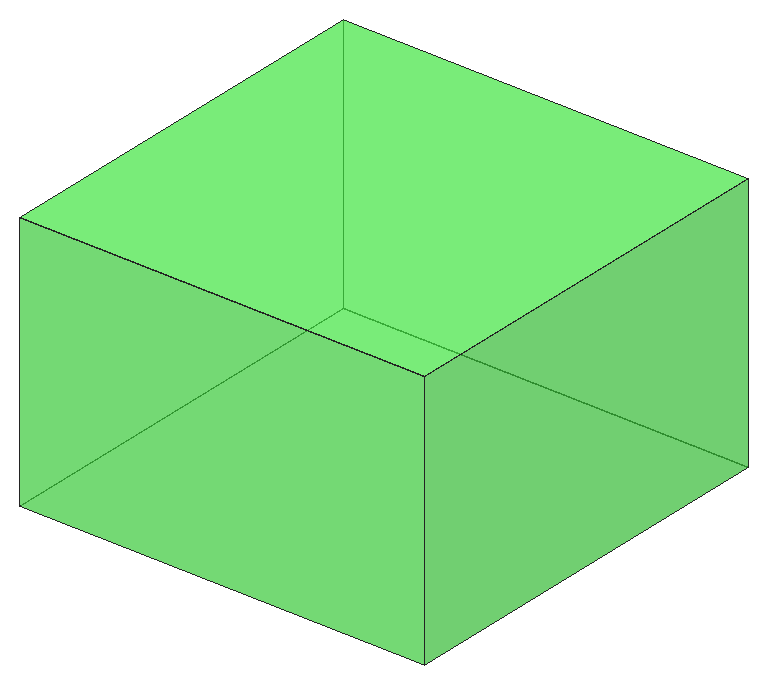
Revit family "貫通部_角形", category Generic Models, host Face, Revit 2020
Family settings
  Host = Face
  Can host rebar = No
  Round Connector Dimension = Use Diameter
  Part Type = Normal
  Cut with Voids When Loaded = Yes
  Shared = No
  Room Calculation Point = No
Parameters
  高さ [instance] = 300 mm
  Default Elevation = 1219.2 mm
  寸法a [instance] = 500 mm
  寸法 [instance] = 10 mm
Reference planes
  plane 1 "中心(正面/背面)": y = 0
  plane 2: z = 0
  plane 3 "中心(左/右)": x = 0
  plane 4: z = -300
Forms (mm)
  Extrusion 1, void
    sketch origin (0, 0, 0) x (1, 0, 0) y (0, 1, 0)
      loop
        line (-250, 250) -> (-250, -250) -> (250, -250) -> (250, 250) -> (-250, 250)
    from -300 to 0
  Extrusion 2, solid, material "既定「新規マテリアル」"
    sketch origin (0, 0, 0) x (1, 0, 0) y (0, 1, 0)
      loop
        line (-250, -250) -> (250, -250) -> (250, 250) -> (-250, 250) -> (-250, -250)
    from -310 to 10
Dimensions and locks
  "寸法a": Extrusion 1 sketch curve to Extrusion 1 sketch curve  (x2)
  equal spacing: Extrusion 1 sketch curve, plane 3 "中心(左/右)", Extrusion 1 sketch curve
  equal spacing: Extrusion 1 sketch curve, plane 1 "中心(正面/背面)", Extrusion 1 sketch curve
  "寸法a": Extrusion 2 sketch curve to Extrusion 2 sketch curve  (x2)
  equal spacing: Extrusion 2 sketch curve, plane 3 "中心(左/右)", Extrusion 2 sketch curve
  equal spacing: Extrusion 2 sketch curve, plane 1 "中心(正面/背面)", Extrusion 2 sketch curve
  "寸法": Extrusion 2 to host face
  "寸法": plane 4 to Extrusion 2
  "高さ": plane 4 to level
  aligned and locked: plane 2 to host face
  aligned and locked: level to host face
  aligned and locked: Extrusion 1 to plane 4
  aligned and locked: level to Extrusion 1
Automatic sketch dimensions
  host sketch curve to host sketch curve = 2438.4 mm  (x2)
